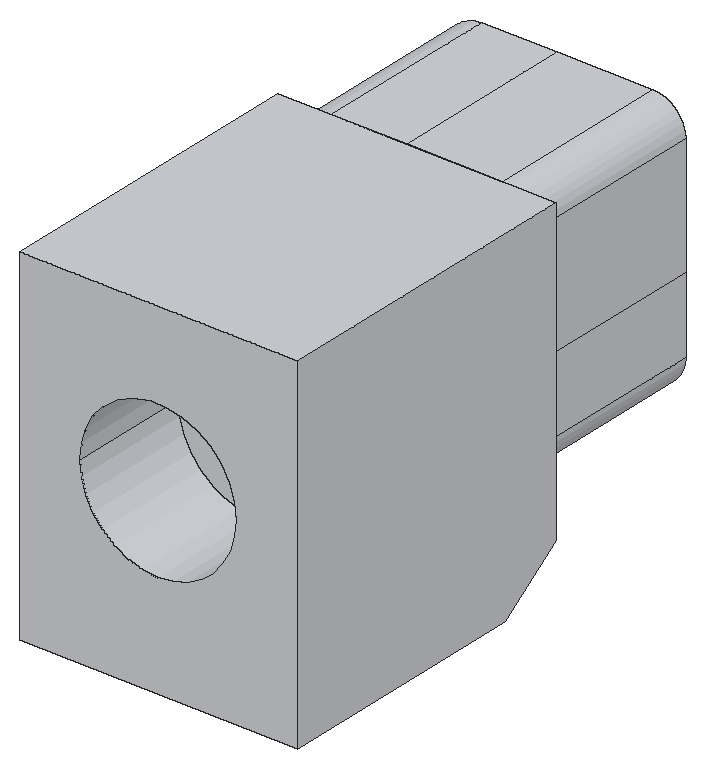
Revit family
Parameters
  Material ID = "760169920"
  Description = "PACK, HFTP-J10G-BULK100"
Reference planes (in)
  plane 1 "Center (Front/Back)": y = 0
  plane 2: z = 0
  plane 3 "Center (Left/Right)": x = 0
Forms (in)
  Extrusion 1, solid
    sketch origin (0, 0, 0) x (1, 0, 0) y (0, 0, 1)
      loop
        arc (-0.185, 0.374) -> (-0.24157, 0.35057) -> (-0.265, 0.294) r 0.08
        line (-0.265, 0.294) -> (-0.265, 0) -> (-0.265, -0.186)
        arc (-0.265, -0.186) -> (-0.24157, -0.24257) -> (-0.185, -0.266) r 0.08
        line (-0.185, -0.266) -> (0, -0.266) -> (0.235, -0.266)
        arc (0.235, -0.266) -> (0.29157, -0.24257) -> (0.315, -0.186) r 0.08
        line (0.315, -0.186) -> (0.315, 0) -> (0.315, 0.294)
        arc (0.315, 0.294) -> (0.29157, 0.35057) -> (0.235, 0.374) r 0.08
        line (0.235, 0.374) -> (0, 0.374) -> (-0.185, 0.374)
    from 0 to 0.46
  Extrusion 2, void
    sketch origin (0, 0, 0) x (1, 0, 0) y (0, 0, 1)
      loop
        line (0.02437, -0.0953) -> (0.23011, -0.0953) -> (0.23011, 0.15811) -> (0.17137, 0.15811) -> (0.17137, 0.22711) -> (0.12737, 0.22711) -> (0.12737, 0.29938) -> (0.02437, 0.29938) -> (-0.07863, 0.29938) -> (-0.07863, 0.22711) -> (-0.12263, 0.22711) -> (-0.12263, 0.15811) -> (-0.18312, 0.15811) -> (-0.18312, -0.0953) -> (0.02437, -0.0953)
    from 0 to 0.20921
  Extrusion 3, solid
    sketch origin (0, 0, 0) x (1, 0, 0) y (0, 1, 0)
      loop
        line (0.025, -0.46) -> (-0.315, -0.46) -> (-0.315, -1.25) -> (0.365, -1.25) -> (0.365, -0.46) -> (0.025, -0.46)
    from -0.47781 to 0.374
  Extrusion 4, void
    sketch origin (0.365, -1.25, 0) x (1, 0, 0) y (0, 0, -1)
      loop
        circle (-0.34218, 0.0312) r 0.19175
    from 0 to 0.3
  Extrusion 5, void
    sketch origin (-0.315, -0.46, 0) x (0, 1, 0) y (0, 0, 1)
      loop
        line (0, -0.369) -> (-0.15541, -0.47781) -> (0, -0.47781) -> (0, -0.369)
    from 0 to 1.6921
Cuts and joins
  Extrusion 2, Extrusion 4 cuts Extrusion 1
  Extrusion 4, Extrusion 5 cuts Extrusion 3
